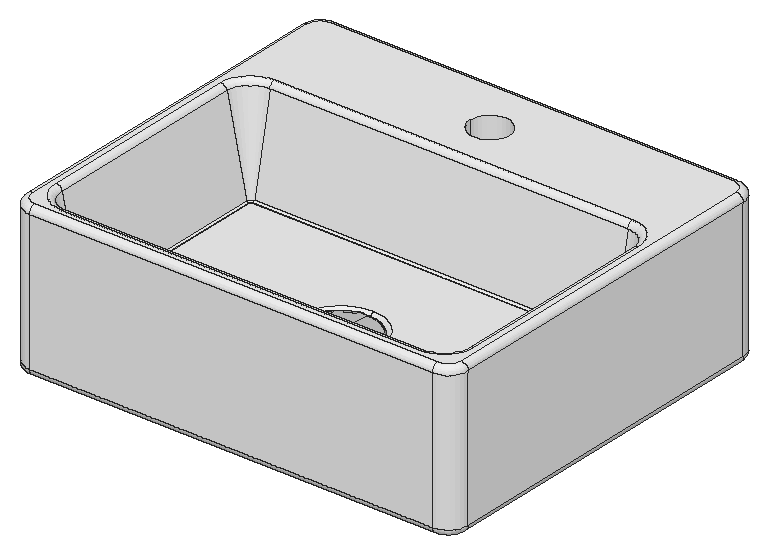
Revit family
Parameters
  Width = 335 mm  # constant formula
  Waste Connection Radius = Waste Connection Diameter / 2  # 20 mm
  Waste Connection = 1 = 1  # yes
  Vent Connection = 1 = 0  # no
  URL = "www.vaalsan.co.za"
  Product Code = "706600WH"
  Omniclass Title = "Sinks/Lavatories"
  Omniclass Number = "23.45.05.14.14"
  Model = "Mini Weaver Basin"
  Manufacturer = "Vaal Sanitaryware"  # constant formula
  Depth = 290 mm  # constant formula
  Height = 115 mm  # constant formula
  HW Connection = 1 = 1  # yes
  Family created by = "www.rbuiltcomponents.com"
  Waste Connection Diameter = 40 mm  # constant formula
  CW Connection = 1 = 1  # yes
  Body Finish = Vitreous China-Vaal-White
  Assembly Code = "D2010310"
Reference planes
  plane 1 "Bottom": z = 0
  plane 2 "Center (Left/Right)": x = 0
  plane 3 "Back": y = 37
  plane 4 "Front": y = -253
  plane 5 "Right": x = 167.5
  plane 6 "Left": x = -167.5
  plane 7 "Top": z = 115
  plane 8: y = -149
Forms (mm)
  Extrusion 1, solid, material "Vitreous China-Vaal-White" <- "Body Finish"
    sketch origin (0, 0, 0) x (1, 0, 0) y (0, 1, 0)
      loop
        arc (-152.5, 37) -> (-163.107, 32.607) -> (-167.5, 22) r 15
        line (-167.5, 22) -> (-167.5, -238)
        arc (-167.5, -238) -> (-163.107, -248.607) -> (-152.5, -253) r 15
        line (-152.5, -253) -> (152.5, -253)
        arc (152.5, -253) -> (163.107, -248.607) -> (167.5, -238) r 15
        line (167.5, -238) -> (167.5, 22)
        arc (167.5, 22) -> (163.107, 32.607) -> (152.5, 37) r 15
        line (152.5, 37) -> (-152.5, 37)
      loop
        arc (-137.5, -221) -> (-136.914, -222.414) -> (-135.5, -223) r 2
        line (-135.5, -223) -> (135.5, -223)
        arc (135.5, -223) -> (136.914, -222.414) -> (137.5, -221) r 2
        line (137.5, -221) -> (137.5, -65)
        arc (137.5, -65) -> (136.914, -63.586) -> (135.5, -63) r 2
        line (135.5, -63) -> (-135.5, -63)
        arc (-135.5, -63) -> (-136.914, -63.586) -> (-137.5, -65) r 2
        line (-137.5, -65) -> (-137.5, -221)
    from 0 to 115
  Sweep 2, void
    path origin (0, 0, 115) x (-1, 0, 0) y (0, -1, 0)
      loop
        arc (135.5, 53) -> (143.985, 56.515) -> (147.5, 65) r 12
        line (147.5, 65) -> (147.5, 221)
        arc (147.5, 221) -> (143.985, 229.485) -> (135.5, 233) r 12
        line (135.5, 233) -> (-135.5, 233)
        arc (-135.5, 233) -> (-143.985, 229.485) -> (-147.5, 221) r 12
        line (-147.5, 221) -> (-147.5, 65)
        arc (-147.5, 65) -> (-143.985, 56.515) -> (-135.5, 53) r 12
        line (-135.5, 53) -> (135.5, 53)
    profile origin (0, -53, 115) x (0, 1, 0) y (0, 0, 1)
      loop
        arc (6.035, -3.96) -> (7.779, -1.114) -> (10.925, 0) r 5
        line (10.925, 0) -> (-10.592, 0) -> (-10.592, -74.563)
        arc (-10.592, -74.563) -> (-9.333, -74.117) -> (-8.636, -72.979) r 2
        line (-8.636, -72.979) -> (6.035, -3.96)
  Extrusion 3, solid, material "Vitreous China-Vaal-White" <- "Body Finish"
    sketch origin (0, 0, 0) x (1, 0, 0) y (0, 0, 1)
      loop
        line (-137.5, 0) -> (137.5, 0) -> (137.5, 40.527)
        arc (137.5, 40.527) -> (0, 39.321) -> (-137.5, 40.527) r 7841.875
        line (-137.5, 40.527) -> (-137.5, 0)
    from 63 to 223
  Sweep 4, void
    path in 3D
      loop
        arc (152.5, -253, 115) -> (163.107, -248.607, 115) -> (167.5, -238, 115) r 15
        line (167.5, -238, 115) -> (167.5, 22, 115)
        arc (167.5, 22, 115) -> (163.107, 32.607, 115) -> (152.5, 37, 115) r 15
        line (152.5, 37, 115) -> (-152.5, 37, 115)
        arc (-152.5, 37, 115) -> (-163.107, 32.607, 115) -> (-167.5, 22, 115) r 15
        line (-167.5, 22, 115) -> (-167.5, -238, 115)
        arc (-167.5, -238, 115) -> (-163.107, -248.607, 115) -> (-152.5, -253, 115) r 15
        line (-152.5, -253, 115) -> (152.5, -253, 115)
    profile origin (0, -253, 115) x (0, 1, 0) y (0, 0, 1)
      loop
        line (-5, 0) -> (-5, -115) -> (5, -115)
        arc (5, -115) -> (1.464, -113.536) -> (0, -110) r 5
        line (0, -110) -> (0, -5)
        arc (0, -5) -> (1.464, -1.464) -> (5, 0) r 5
        line (5, 0) -> (-5, 0)
  Revolve 5, void
    sketch origin (0, 0, 4.686) x (0, 1, 0) y (0, 0, 1)
      loop
        line (-149, -4.686) -> (-149, 41.533) -> (-185, 41.533) -> (-185, 35.841)
        arc (-185, 35.841) -> (-177.985, 33.568) -> (-173.635, 27.613) r 11.963
        line (-173.635, 27.613) -> (-173.635, -4.686) -> (-149, -4.686)
      axis (-149, 41.533) -> (-149, -4.686)
    angle from 0 to 360
  Revolve 6, solid, material "Chrome"
    sketch origin (0, 0, 4.686) x (0, 1, 0) y (0, 0, 1)
      loop
        arc (-149, 35.741) -> (-161.916, 35.294) -> (-174.738, 33.672) r 141.72
        arc (-174.738, 33.672) -> (-175.563, 32.601) -> (-174.567, 31.687) r 1
        line (-174.567, 31.687) -> (-149, 31.687) -> (-149, 35.741)
      axis (-149, 31.687) -> (-149, 35.741)
    angle from 0 to 360
  Extrusion 7, void
    sketch origin (0, 0, 0) x (1, 0, 0) y (0, 1, 0)
      loop
        circle (0, -8) r 15
    from 115 to 0
Cuts and joins
  Revolve 5 cuts Extrusion 3
  Sweep 2, Sweep 4, Extrusion 7 cuts Extrusion 1
Lines and regions (mm)
  Masking region 1
    outline origin (0, 0, 150) x (-1, 0, 0) y (0, -1, 0)
      loop
        arc (157.5, -37) -> (164.571, -34.071) -> (167.5, -27) r 10
        line (167.5, -27) -> (167.5, 243)
        arc (167.5, 243) -> (164.571, 250.071) -> (157.5, 253) r 10
        line (157.5, 253) -> (-157.5, 253)
        arc (-157.5, 253) -> (-164.571, 250.071) -> (-167.5, 243) r 10
        line (-167.5, 243) -> (-167.5, -27)
        arc (-167.5, -27) -> (-164.571, -34.071) -> (-157.5, -37) r 10
        line (-157.5, -37) -> (157.5, -37)
  Masking region 2
    outline origin (0, 37, 0) x (1, 0, 0) y (0, 0, 1)
      loop
        arc (-162.5, 115) -> (-166.036, 113.536) -> (-167.5, 110) r 5
        line (-167.5, 110) -> (-167.5, 5)
        arc (-167.5, 5) -> (-166.036, 1.464) -> (-162.5, 0) r 5
        line (-162.5, 0) -> (162.5, 0)
        arc (162.5, 0) -> (166.036, 1.464) -> (167.5, 5) r 5
        line (167.5, 5) -> (167.5, 110)
        arc (167.5, 110) -> (166.036, 113.536) -> (162.5, 115) r 5
        line (162.5, 115) -> (-162.5, 115)
  Masking region 3
    outline origin (0, 0, 0) x (0, 1, 0) y (0, 0, 1)
      loop
        line (32, 115) -> (-248, 115)
        arc (-248, 115) -> (-251.536, 113.536) -> (-253, 110) r 5
        line (-253, 110) -> (-253, 5)
        arc (-253, 5) -> (-251.536, 1.464) -> (-248, 0) r 5
        line (-248, 0) -> (32, 0)
        arc (32, 0) -> (35.536, 1.464) -> (37, 5) r 5
        line (37, 5) -> (37, 110)
        arc (37, 110) -> (35.536, 113.536) -> (32, 115) r 5
  symbolic lines
    curve 1: line (-125.5, -63, 150) -> (125.5, -63, 150)
    curve 2: line (-137.5, -211, 150) -> (-137.5, -75, 150)
    curve 3: line (125.5, -223, 150) -> (-125.5, -223, 150)
    curve 4: line (137.5, -75, 150) -> (137.5, -211, 150)
    curve 5: arc (-125.5, -63, 150) -> (-133.985, -66.515, 150) -> (-137.5, -75, 150) r 12
    curve 6: arc (-125.5, -223, 150) -> (-133.985, -219.485, 150) -> (-137.5, -211, 150) r 12
    curve 7: arc (125.5, -223, 150) -> (133.985, -219.485, 150) -> (137.5, -211, 150) r 12
    curve 8: arc (137.5, -75, 150) -> (133.985, -66.515, 150) -> (125.5, -63, 150) r 12
  symbolic lines, detail levels fine
    curve 9: circle (0, -149, 150) r 20 normal (0, 0, 1)
    curve 18: arc (15, -8, 0) -> (0, 7, 0) -> (-15, -8, 0) r 15
    curve 19: arc (-15, -8, 0) -> (0, -23, 0) -> (15, -8, 0) r 15
  sketch lines
    curve 10: line (-152.5, -253, 115) -> (152.5, -253, 115)
    curve 11: arc (-152.5, -253, 115) -> (-163.107, -248.607, 115) -> (-167.5, -238, 115) r 15
    curve 12: line (-167.5, 22, 115) -> (-167.5, -238, 115)
    curve 13: arc (-167.5, 22, 115) -> (-163.107, 32.607, 115) -> (-152.5, 37, 115) r 15
    curve 14: line (152.5, 37, 115) -> (-152.5, 37, 115)
    curve 15: arc (152.5, 37, 115) -> (163.107, 32.607, 115) -> (167.5, 22, 115) r 15
    curve 16: line (167.5, -238, 115) -> (167.5, 22, 115)
    curve 17: arc (167.5, -238, 115) -> (163.107, -248.607, 115) -> (152.5, -253, 115) r 15
Dimensions and locks
  locked: connector elem to plane 2 "Center (Left/Right)"
  locked: plane 3 "Back" to connector elem at 186
  plane 3 "Back" to Revolve 5 sketch curve = 186 mm
  plane 3 "Back" to Revolve 6 sketch curve = 186 mm
  locked: plane 4 "Front" to plane 3 "Back" at 290
  equal spacing: plane 6 "Left", plane 2 "Center (Left/Right)", plane 5 "Right"
  locked: plane 6 "Left" to plane 5 "Right" at 335
  locked: plane 7 "Top" to plane 1 "Bottom" at 115
  locked: plane 8 to plane 3 "Back" at 186
  Extrusion 7 sketch curve to plane 3 "Back" = 45 mm
  aligned and locked: Extrusion 1 sketch curve to plane 4 "Front"
  aligned and locked: Extrusion 1 sketch curve to plane 5 "Right"
  aligned and locked: plane 6 "Left" to Extrusion 1 sketch curve
  aligned and locked: plane 7 "Top" to Extrusion 1
  aligned and locked: plane 7 "Top" to Extrusion 7
  aligned and locked: Extrusion 7 to plane 1 "Bottom"
  aligned and locked: cut or joined group of Extrusion 1, Sweep 2, Sweep 4, Extrusion 7 to curve 1
  aligned and locked: cut or joined group of Extrusion 1, Sweep 2, Sweep 4, Extrusion 7 to curve 3
  aligned and locked: cut or joined group of Extrusion 1, Sweep 2, Sweep 4, Extrusion 7 to curve 2
  aligned and locked: cut or joined group of Extrusion 1, Sweep 2, Sweep 4, Extrusion 7 to curve 4
  aligned and locked: plane 6 "Left" to Masking region 1 sketch curve
  aligned and locked: Masking region 1 sketch curve to plane 4 "Front"
  aligned and locked: Masking region 1 sketch curve to plane 5 "Right"
  aligned and locked: Masking region 3 to plane 7 "Top"
  aligned and locked: Masking region 3 to plane 4 "Front"
  aligned and locked: plane 6 "Left" to Masking region 2 sketch curve
  aligned and locked: Masking region 2 sketch curve to plane 5 "Right"
  aligned and locked: Masking region 2 sketch curve to plane 7 "Top"
  aligned and locked: Extrusion 3 sketch curve to plane 1 "Bottom"
  aligned and locked: cut or joined group of Extrusion 3, Revolve 5 to cut or joined group of Extrusion 1, Sweep 2, Sweep 4, Extrusion 7
  aligned and locked: curve 18 to cut or joined group of Extrusion 1, Sweep 2, Sweep 4, Extrusion 7
  aligned: curve 19 to cut or joined group of Extrusion 1, Sweep 2, Sweep 4, Extrusion 7
Automatic sketch dimensions
  curve 9 to plane 2 "Center (Left/Right)" = 0 mm
  curve 8 to plane 5 "Right" = 42 mm
  curve 7 to curve 7 = 12 mm
  curve 5 to curve 2 = 12 mm
  curve 9 to plane 4 "Front" = 104 mm
  curve 6 to plane 4 "Front" = 42 mm
  Sweep 4 sketch curve to profile plane = 0 mm  (x2)
  profile plane to Sweep 4 sketch curve = 5 mm
  Sweep 4 sketch curve to profile plane = 5 mm
  Sweep 4 sketch curve to Sweep 4 sketch curve = 5 mm
  Sweep 4 sketch curve to Sweep 4 sketch curve = 105 mm
  level to Revolve 5 sketch curve = 4.686 mm
  level to Revolve 5 sketch curve = 0 mm
  Revolve 5 sketch curve to Revolve 5 sketch curve = 24.635 mm
  Revolve 5 sketch curve to Revolve 5 sketch curve = 11.365 mm
  Revolve 5 sketch curve to Revolve 5 sketch curve = 0 mm
  Revolve 5 sketch curve to Revolve 5 sketch curve = 2.971 mm
  level to Revolve 6 sketch curve = 4.686 mm
  Revolve 6 sketch curve to Revolve 6 sketch curve = 0 mm  (x2)
  Revolve 6 sketch curve to Revolve 6 sketch curve = 25.567 mm
  Revolve 6 sketch curve to Revolve 6 sketch curve = 0.171 mm
  Revolve 6 sketch curve to level = 101.284 mm
  Revolve 6 sketch curve to Revolve 6 sketch curve = 2.821 mm
  Masking region 1 sketch curve to plane 3 "Back" = 0 mm
  Masking region 1 sketch curve to Masking region 1 sketch curve = 10 mm  (x3)
  plane 6 "Left" to Masking region 1 sketch curve = 10 mm
  Masking region 2 sketch curve to level = 0 mm
  Masking region 2 sketch curve to Masking region 2 sketch curve = 5 mm  (x3)
  Masking region 2 sketch curve to plane 5 "Right" = 5 mm
  Masking region 3 sketch curve to level = 0 mm
  Masking region 3 sketch curve to plane 3 "Back" = 0 mm
  plane 3 "Back" to Masking region 3 sketch curve = 5 mm  (x2)
  Masking region 3 sketch curve to plane 4 "Front" = 5 mm
  Masking region 3 sketch curve to Masking region 3 sketch curve = 0 mm
  level to Masking region 3 sketch curve = 5 mm
  level to Revolve 5 sketch curve = 28.564 mm
  Revolve 5 sketch curve to Revolve 5 sketch curve = 3.735 mm
  Revolve 5 sketch curve to Revolve 5 sketch curve = 10.949 mm
  level to Revolve 6 sketch curve = 36.373 mm
  Masking region 3 sketch curve to Masking region 3 sketch curve = 105 mm
  Extrusion 1 sketch curve to plane 3 "Back" = 0 mm
  plane 3 "Back" to Extrusion 1 sketch curve = 15 mm  (x2)
  Extrusion 1 sketch curve to Extrusion 1 sketch curve = 15 mm
  Extrusion 1 sketch curve to plane 4 "Front" = 32 mm
  plane 6 "Left" to Extrusion 1 sketch curve = 30 mm
  Extrusion 1 sketch curve to Extrusion 1 sketch curve = 2 mm  (x3)
  Extrusion 1 sketch curve to plane 5 "Right" = 32 mm  (x2)
  Extrusion 1 sketch curve to plane 5 "Right" = 15 mm
  plane 3 "Back" to Extrusion 1 sketch curve = 102 mm
  Sweep 2 sketch curve to plane 5 "Right" = 20 mm
  Sweep 2 sketch curve to Sweep 2 sketch curve = 12 mm  (x3)
  plane 6 "Left" to Sweep 2 sketch curve = 32 mm  (x2)
  plane 3 "Back" to Sweep 2 sketch curve = 90 mm
  Sweep 2 sketch curve to plane 4 "Front" = 32 mm
  Sweep 2 sketch curve to profile plane = 0 mm  (x2)
  profile plane to Sweep 2 sketch curve = 10.592 mm
  Sweep 2 sketch curve to Sweep 2 sketch curve = 1.956 mm
  Sweep 2 sketch curve to profile plane = 6.035 mm
  Sweep 2 sketch curve to Sweep 2 sketch curve = 4.891 mm  (x2)
  Sweep 2 sketch curve to profile plane = 3.96 mm
  Sweep 2 sketch curve to Sweep 2 sketch curve = 68.603 mm
  Sweep 2 sketch curve to Sweep 2 sketch curve = 0.416 mm
  Extrusion 3 sketch curve to plane 2 "Center (Left/Right)" = 0 mm
  plane 6 "Left" to Extrusion 3 sketch curve = 30 mm
  plane 7 "Top" to Extrusion 3 sketch curve = 7766.196 mm
  Extrusion 7 sketch curve to plane 2 "Center (Left/Right)" = 0 mm
  Extrusion 3 sketch curve to plane 5 "Right" = 30 mm
  Extrusion 3 sketch curve to Extrusion 3 sketch curve = 40.527 mm
  radius of curve 9 = 20 mm
  radius of Extrusion 7 sketch curve = 15 mm
Connectors
  piping at (0, -149, 0), driven by "Waste Connection Radius"
    settings: on Extrusion 3, index 1
